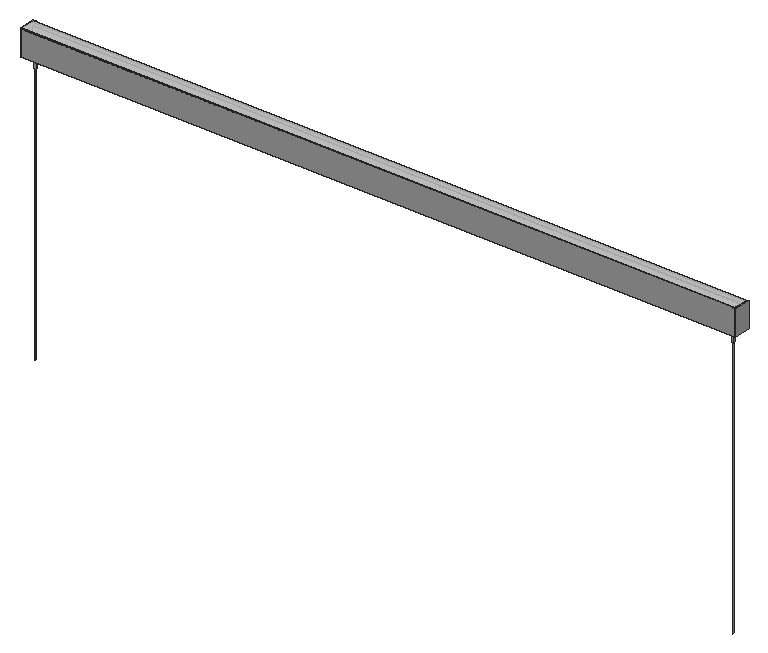
Revit family "2093146 Sylvania Lighting Fixture MC2-KIT 2-4M 4K DALIEM WHT PROS", category Lighting Fixtures, host Face, Revit 2016
Family settings
  Host = Face
  Part Type = Normal
  Round Connector Dimension = Use Diameter
  OmniClass Number = 23.80.70.11.17
  OmniClass Title = Specialized Lighting by Location or Use
  Cut with Voids When Loaded = No
  Light Source = Yes
  Shared = No
  Room Calculation Point = No
Parameters (values of type "2093146 MC2-KIT 2.4M 4K DALIEM WHT PRIS Emergency mode")
  Width_SYL = 54.0 mm
  Weight = "6.4 kg"
  Wattage = 45 W
  WarrantyStartDate [instance] = "n/a"
  WarrantyGuarantorParts = "n/a"
  WarrantyDurationUnit = "n/a"
  WarrantyDurationParts = "n/a"
  WarrantyDescription = "n/a"
  built-in parameter 1150110 = 1 (stored number, unit not read)
  Voltage = 0 V
  URL = "http://www.sylvania-lighting.com"
  TypeName = "MC2-KIT 2.4M 4K DALIEM WHT PRIS Emergency mode"
  built-in parameter 1114217 = 1 (stored number, unit not read)
  Tilt Angle = -90.00°
  built-in parameter 1150109 = 1 (stored number, unit not read)
  built-in parameter 1150134 = 12
  built-in parameter 1150113 = 1 (stored number, unit not read)
  SerialNumber [instance] = "n/a"
  PowerFactor = 0.98
  PowerConsumption = "45 W"
  NominalWidth = 0.0 mm
  NominalLength = 2400.0 mm
  NominalHeight = 86.0 mm
  Name = "MC2-KIT 2.4M 4K DALIEM WHT PRIS Emergency mode"
  ModelReference = "MC2-KIT 2.4M 4K DALIEM WHT PRIS"
  ModelNumber = "2093146"
  Material_3_SYL = Metal_Sylvania_Mini Contiuum II_Silver
  Photometric Web File = "2093146EM.ies"
  Material_4_SYL = Metal_Sylvania_Mini Contiuum II_Silver
  MountingHeight_SYL [instance] = 1000.0 mm
  Material = "aluminium housing, polycarbonate diffuser"
  ManufacturerName = "Feilo Sylvania"
  LuminousEfficacy = "2.688 lm/W"
  LuminaireType = ""
  LightOutputRatio = "100"
  Length_SYL = 2400.0 mm
  LampsType = Lamp  # "LED"
  LampNominalLuminous = "121 lm"
  LampMacAdamStep = "3"
  LampColourTemperature = "4000 K"
  LampColourRenderingIndex = "80"
  Keynote = "16500"
  InstallationDate [instance] = "n/a"
  InputVoltage = "n/a"
  InputNominalFrequency = "n/a"
  IngressProtection = "IP20"
  ImpactProtectionIndex = "n/a"
  IfcExportType = "IfcLightFixtureType"
  IfcExportAs = "IfcLightFixtureType"
  Height_SYL = 86.0 mm
  ExpectedLife = 50000
  Emit from Rectangle Width = Width_SYL - 2.0 mm  # 52.0 mm
  Emit from Rectangle Length = Length_SYL  # 2400.0 mm
  Emit Shape Visible in Rendering = no
  ElectricShockClassification = "Class I"
  DurationUnit = "hours"
  DocumentationLiterature = "http://www.sylvania-lighting.com/product/en-int/products/2093146"
  DimmingControlOptions = "n/a"
  CreatedOn = "10/15/2018"
  CreatedBy = "@sylvania-lighting.com"
  built-in parameter 1114216 [instance] = 1 (stored number, unit not read)
  Model = "MC2-KIT 2.4M 4K DALIEM WHT PRIS"
  Manufacturer = "Feilo Sylvania"
  built-in parameter 1150105 = 9.6289 (stored number, unit not read)
  Lumens = 121 lm
  built-in parameter 1150115 = 1 (stored number, unit not read)
  built-in parameter 1150137 = (empty or 0)
  built-in parameter 1150139 = (empty or 0)
  built-in parameter 1150112 = 1 (stored number, unit not read)
  built-in parameter 1150114 = 1 (stored number, unit not read)
  Lamp = "LED"
  built-in parameter 1150132 = 2
  built-in parameter 1150102 = (empty or 0)
  built-in parameter 1150107 = 4000 (stored number, unit not read)
  built-in parameter 1150138 = (empty or 0)
  built-in parameter 1150106 = 0.096289 (stored number, unit not read)
  Material_1_SYL = Metal_Sylvania_Mini Continuum II_White
  built-in parameter 1150104 = 0.24981 (stored number, unit not read)
  Dimming Lamp Color Temperature Shift = <None>
  Material_2_SYL = Polycarbonate_Sylvania_Mini Continuum II_Opal_4000K
  Description = "2093146   MC2-KIT 2.4M 4K DALIEM WHT PRIS  Continuous lines of LED light, white RAL 9016, direct distribution, suspended kit version is pre-wired and supplied complete with end caps and suspension cables, compact and minimalist design based on the Golden Mean, ideal for offices, meeting rooms, corridors, education facilities, museums and libraries, extruded aluminium body, diffuser: micro prismatic, colour temperature: 4000K neutral white, total system power: 45W, total fixture output: 4190lm, emergency output: 230lm, luminaire efficacy: 93lm/W, LOR: 100%, colour rendering: Ra >80, LED Chromacity: 1 step MacAdam ellipse, lifetime: 60,000 hours at 90% of the original output (L90), energy class: A++, A+, A, IR/UV free light source without heat radiation, operating voltage: 220-240V / 50-60Hz, drive current: 800mA, electronic driver, DALI dimmable, integral emergency: 3 hour maintained, electrical protection: CLASS I, IP20, suitable for internal environment only."
  Default Elevation = 0.0 mm
  Color Filter = 16777215
  built-in parameter 1140040 [instance] = 1
  BarCode [instance] = "n/a"
  built-in parameter 1114218 = 1 (stored number, unit not read)
  built-in parameter 1150133 = 10 (stored number, unit not read)
  AssetType = "Fixed"
  AssetIdentifier [instance] = "n/a"
  Assembly Code = "D5020200"
  Apparent Load = 45 VA
Types (2, lengths in mm): name | TypeName | Name | Photometric Web File | LuminousEfficacy | LampNominalLuminous | built-in parameter 1150105 | Lumens | built-in parameter 1150106 | built-in parameter 1150104
  2093146 MC2-KIT 2.4M 4K DALIEM WHT PRIS Emergency mode | "MC2-KIT 2.4M 4K DALIEM WHT PRIS Emergency mode" | "MC2-KIT 2.4M 4K DALIEM WHT PRIS Emergency mode" | "2093146EM.ies" | "2.688 lm/W" | "121 lm" | 9.6289 (stored number, unit not read) | 121 lm | 0.096289 (stored number, unit not read) | 0.24981 (stored number, unit not read)
  2093146 MC2-KIT 2.4M 4K DALIEM WHT PRIS | "MC2-KIT 2.4M 4K DALIEM WHT PRIS" | "MC2-KIT 2.4M 4K DALIEM WHT PRIS" | "2093146.ies" | "99 lm/W" | "4442 lm" | 354.52 (stored number, unit not read) | 4455 lm | 3.5452 (stored number, unit not read) | 9.1974 (stored number, unit not read)
Reference planes
  plane 1 "Center (Front/Back)": y = 0
  plane 2 "Bottom Fixtures": z = 0
  plane 3 "Center (Left/Right)": x = 0
  plane 4 "Fixture Left": x = -1200
  plane 5 "Fixture Right": x = 1200
  plane 6 "Fixture Bottom": z = 1000
  plane 7: z = 998
  plane 8: z = 996
  plane 9: z = 986.951
  plane 10: z = 956.951
  plane 11 "Fixture Top": z = 914
  plane 12 "Mounting Right": x = 1172
  plane 13 "Mounting Left": x = -1172
  plane 14: z = 879
  plane 15: y = 27
  plane 16: y = -27
  plane 17: y = -26
  plane 18: y = -25
  plane 19: y = 26
  plane 20: y = 25
  plane 21: y = 11
  plane 22: y = -11
  plane 23: y = 24
  plane 24: y = 22
  plane 25: y = -22
  plane 26: y = 15
  plane 27: y = -15
  plane 28 "Upper Diffuser Left": x = -1050
  plane 29 "Upper Diffuser Right": x = 1050
  plane 30: x = -1202
  plane 31: x = 1202
Forms (mm)
  Extrusion 1, solid, material "Metal_Sylvania_Mini Continuum II_White" <- "Material_1_SYL", detail levels fine
    sketch origin (0, 0, 520) x (0, 1, 0) y (0, 0, 1)
      loop
        line (27, 480) -> (26, 480) -> (26, 478) -> (25, 478) -> (25, 396) -> (13, 396) -> (13, 398) -> (-13, 398) -> (-13, 396) -> (-25, 396) -> (-25, 478) -> (-26, 478) -> (-26, 480) -> (-27, 480) -> (-27, 394) -> (-11, 394) -> (-11, 396) -> (11, 396) -> (11, 394) -> (27, 394) -> (27, 480)
    from -1200 to 1200
  Extrusion 2, solid, material "Polycarbonate_Sylvania_Mini Continuum II_Opal_4000K" <- "Material_2_SYL", detail levels fine
    sketch origin (0, 0, 520) x (0, 1, 0) y (0, 0, 1)
      loop
        line (-26, 480) -> (-26, 478) -> (26, 478) -> (26, 480) -> (-26, 480)
    from -1200 to 1200
  Extrusion 3, solid, material "Metal_Sylvania_Mini Contiuum II_Silver" <- "Material_3_SYL", detail levels fine
    sketch origin (0, 0, 520) x (0, 1, 0) y (0, 0, 1)
      loop
        line (22, 466.951) -> (20.973, 466.951) -> (14.206, 437.951) -> (11, 437.951) -> (11, 436.951) -> (15, 436.951) -> (22, 466.951)
      loop
        line (-15, 436.951) -> (-11, 436.951) -> (-11, 437.951) -> (-14.206, 437.951) -> (-20.973, 466.951) -> (-22, 466.951) -> (-15, 436.951)
    from -1200 to 1200
  Extrusion 4, solid, material "Metal_Sylvania_Mini Continuum II_White" <- "Material_1_SYL", detail levels coarse+medium
    sketch origin (0, 0, 520) x (0, 1, 0) y (0, 0, 1)
      loop
        line (-27, 480) -> (-27, 394) -> (27, 394) -> (27, 480) -> (-27, 480)
    from -1200 to 1200
  Extrusion 5, solid, material "Metal_Sylvania_Mini Contiuum II_Silver" <- "Material_4_SYL", detail levels fine
    sketch origin (0, 0, -86) x (-1, 0, 0) y (0, -1, 0)
      loop
        circle (1172, 0) r 4
      loop
        circle (-1172, 0) r 4
    from 965 to 1002
  Extrusion 6, solid, material "Metal_Sylvania_Mini Contiuum II_Silver" <- "Material_4_SYL", detail levels fine
    sketch origin (0, 0, -86) x (-1, 0, 0) y (0, -1, 0)
      loop
        circle (-1172, 0) r 1
      loop
        circle (1172, 0) r 1
    from 86 to 965
  Extrusion 7, solid, material "Metal_Sylvania_Mini Continuum II_White" <- "Material_1_SYL"
    sketch origin (-1200, 171.684, 1219.2) x (0, 1, 0) y (0, 0, 1)
      loop
        line (-198.684, -305.2) -> (-144.684, -305.2) -> (-144.684, -219.2) -> (-198.684, -219.2) -> (-198.684, -305.2)
    from 0 to -2
  Extrusion 8, solid, material "Metal_Sylvania_Mini Continuum II_White" <- "Material_1_SYL"
    sketch origin (1200, 171.684, 1219.2) x (0, 1, 0) y (0, 0, -1)
      loop
        line (-144.684, 219.2) -> (-144.684, 305.2) -> (-198.684, 305.2) -> (-198.684, 219.2) -> (-144.684, 219.2)
    from 0 to -2
Lines and regions (mm)
  Masking region 1
    outline origin (0, 0, -86) x (-1, 0, 0) y (0, -1, 0)
      loop
        line (1200, -27) -> (1200, 27) -> (-1200, 27) -> (-1200, -27) -> (1200, -27)
  symbolic lines, detail levels fine
    curve 1: line (-1200, 26, -86) -> (1200, 26, -86)
    curve 2: line (-1200, -26, -86) -> (1200, -26, -86)
  model lines, detail levels coarse+medium
    curve 3: line (-1172, 0, 914) -> (-1172, 0, 0)
    curve 4: line (1172, 0, 914) -> (1172, 0, 0)
Dimensions and locks
  host sketch curve to plane 3 "Center (Left/Right)" to host sketch curve = 820.0 mm, 775.047 mm
  equal spacing: plane 4 "Fixture Left", plane 3 "Center (Left/Right)", plane 5 "Fixture Right"
  "Length_SYL": plane 4 "Fixture Left" to plane 5 "Fixture Right"
  plane 6 "Fixture Bottom" to plane 7 to plane 8 to plane 9 to plane 10 = 2.0 mm locked, 2.0 mm locked, 9.049 mm locked, 30.0 mm locked
  locked: Extrusion 1 sketch curve to Extrusion 1 sketch curve at 2
  locked: Extrusion 1 sketch curve to plane 11 "Fixture Top" at 2
  "Height_SYL": plane 6 "Fixture Bottom" to plane 11 "Fixture Top"
  locked: plane 12 "Mounting Right" to plane 5 "Fixture Right" at 28
  locked: plane 4 "Fixture Left" to plane 13 "Mounting Left" at 28
  locked: plane 11 "Fixture Top" to plane 14 at 35
  "MountingHeight_SYL": plane 6 "Fixture Bottom" to plane 2 "Bottom Fixtures"
  equal spacing: plane 15, plane 1 "Center (Front/Back)", plane 16
  "Width_SYL": plane 15 to plane 16
  plane 22 to plane 27 to plane 25 to plane 18 to plane 17 to plane 16 = 4.0 mm locked, 7.0 mm locked, 3.0 mm locked, 1.0 mm locked, 1.0 mm locked
  plane 15 to plane 19 to plane 20 to plane 23 to plane 24 to plane 26 to plane 21 = 1.0 mm locked, 1.0 mm locked, 1.0 mm locked, 2.0 mm locked, 7.0 mm locked, 4.0 mm locked
  locked: plane 4 "Fixture Left" to plane 28 "Upper Diffuser Left" at 150
  locked: plane 29 "Upper Diffuser Right" to plane 5 "Fixture Right" at 150
  equal spacing: plane 30, plane 3 "Center (Left/Right)", plane 31
  locked: plane 30 to plane 4 "Fixture Left" at 2
  aligned and locked: plane 2 "Bottom Fixtures" to host face
  aligned and locked: level to host face
  aligned and locked: plane 5 "Fixture Right" to curve 1
  aligned and locked: plane 4 "Fixture Left" to curve 1
  aligned and locked: plane 4 "Fixture Left" to curve 2
  aligned and locked: plane 5 "Fixture Right" to curve 2
  aligned and locked: Extrusion 1 sketch curve to plane 7
  aligned and locked: plane 6 "Fixture Bottom" to Extrusion 1 sketch curve  (x2)
  aligned and locked: plane 7 to Extrusion 1 sketch curve
  aligned and locked: Extrusion 1 to Extrusion 2 sketch curve
  aligned and locked: Extrusion 2 sketch curve to Extrusion 1  (x3)
  aligned and locked: Extrusion 3 sketch curve to plane 10
  aligned and locked: plane 9 to Extrusion 3 sketch curve
  aligned and locked: Extrusion 3 sketch curve to plane 9
  aligned and locked: Extrusion 4 sketch curve to plane 6 "Fixture Bottom"
  aligned and locked: Extrusion 4 to plane 4 "Fixture Left"
  aligned and locked: Extrusion 2 to plane 4 "Fixture Left"
  aligned and locked: Extrusion 3 to plane 4 "Fixture Left"
  aligned and locked: Extrusion 1 to plane 4 "Fixture Left"
  aligned and locked: Extrusion 4 to plane 5 "Fixture Right"
  aligned and locked: Extrusion 2 to plane 5 "Fixture Right"
  aligned and locked: Extrusion 3 to plane 5 "Fixture Right"
  aligned and locked: Extrusion 1 to plane 5 "Fixture Right"
  aligned and locked: plane 11 "Fixture Top" to Extrusion 4 sketch curve
  aligned and locked: Extrusion 1 sketch curve to plane 11 "Fixture Top"  (x2)
  aligned and locked: Extrusion 1 sketch curve to Extrusion 1 sketch curve
  aligned and locked: plane 6 "Fixture Bottom" to imposter light
  aligned and locked: plane 11 "Fixture Top" to curve 3
  aligned and locked: plane 2 "Bottom Fixtures" to curve 3
  aligned and locked: plane 11 "Fixture Top" to curve 4
  aligned and locked: plane 2 "Bottom Fixtures" to curve 4
  aligned and locked: curve 4 to plane 12 "Mounting Right"
  aligned and locked: curve 3 to plane 13 "Mounting Left"
  aligned and locked: Extrusion 5 to Extrusion 1
  aligned and locked: Extrusion 5 to plane 14
  aligned and locked: plane 14 to Extrusion 6
  aligned and locked: Extrusion 6 to level
  aligned and locked: plane 21 to Extrusion 3 sketch curve
  aligned and locked: Extrusion 3 sketch curve to plane 22
  aligned and locked: Extrusion 7 sketch curve to Extrusion 4  (x4)
  aligned and locked: Extrusion 7 to plane 30
  aligned and locked: plane 4 "Fixture Left" to Extrusion 7
  aligned and locked: Extrusion 8 sketch curve to Extrusion 4  (x4)
  aligned and locked: plane 31 to Extrusion 8
  aligned and locked: plane 5 "Fixture Right" to Extrusion 8
Automatic sketch dimensions
  host sketch curve to host sketch curve = 1047.463 mm
  plane 19 to curve 1 = 0.0 mm
  curve 2 to plane 17 = 0.0 mm
  Masking region 1 sketch curve to plane 5 "Fixture Right" = 0.0 mm
  Masking region 1 sketch curve to plane 4 "Fixture Left" = 0.0 mm
  plane 15 to Masking region 1 sketch curve = 0.0 mm
  Masking region 1 sketch curve to plane 16 = 0.0 mm
  Extrusion 1 sketch curve to plane 16 = 0.0 mm
  Extrusion 1 sketch curve to plane 17 = 0.0 mm
  Extrusion 1 sketch curve to plane 18 = 0.0 mm
  Extrusion 1 sketch curve to plane 22 = 0.0 mm
  Extrusion 1 sketch curve to plane 21 = 0.0 mm
  Extrusion 1 sketch curve to plane 20 = 0.0 mm
  Extrusion 1 sketch curve to plane 19 = 0.0 mm
  Extrusion 1 sketch curve to plane 15 = 0.0 mm
  plane 11 "Fixture Top" to Extrusion 1 sketch curve = 2.0 mm
  Extrusion 1 sketch curve to plane 22 = 2.0 mm
  Extrusion 1 sketch curve to plane 21 = 2.0 mm
  Extrusion 3 sketch curve to plane 25 = 0.0 mm
  Extrusion 3 sketch curve to plane 27 = 0.0 mm
  Extrusion 3 sketch curve to plane 26 = 0.0 mm
  Extrusion 3 sketch curve to plane 24 = 0.0 mm
  plane 10 to Extrusion 3 sketch curve = 1.0 mm
  Extrusion 3 sketch curve to Extrusion 3 sketch curve = 1.027 mm
  plane 27 to Extrusion 3 sketch curve = 0.794 mm
  plane 26 to Extrusion 3 sketch curve = 0.794 mm
  plane 24 to Extrusion 3 sketch curve = 1.027 mm
  Extrusion 4 sketch curve to plane 16 = 0.0 mm
  Extrusion 4 sketch curve to plane 15 = 0.0 mm
  plane 1 "Center (Front/Back)" to Extrusion 5 sketch curve = 0.0 mm  (x2)
  Extrusion 5 sketch curve to plane 12 "Mounting Right" = 0.0 mm
  Extrusion 5 sketch curve to plane 13 "Mounting Left" = 0.0 mm
  plane 1 "Center (Front/Back)" to Extrusion 6 sketch curve = 0.0 mm  (x2)
  Extrusion 6 sketch curve to plane 12 "Mounting Right" = 0.0 mm
  Extrusion 6 sketch curve to plane 13 "Mounting Left" = 0.0 mm
  Extrusion 3 sketch curve to Extrusion 3 sketch curve = 0.0 mm
  Extrusion 3 sketch curve to plane 10 = 0.0 mm
  radius of Extrusion 5 sketch curve = 4.0 mm  (x2)
  radius of Extrusion 6 sketch curve = 1.0 mm  (x2)
Connectors
  electrical at (1200, 0, 949), driven by "Apparent Load"
    settings: on Extrusion 1, index 1, voltage 230 V, apparent load 0 VA, apparent load phase1 45 VA, apparent load phase2 0 VA, apparent load phase3 0 VA, power factor 1, load classification "Lighting", number of poles 1, system type 31, power factor state 1, is connector primary yes, connector utility no, sub classification motor no, connector description ""
